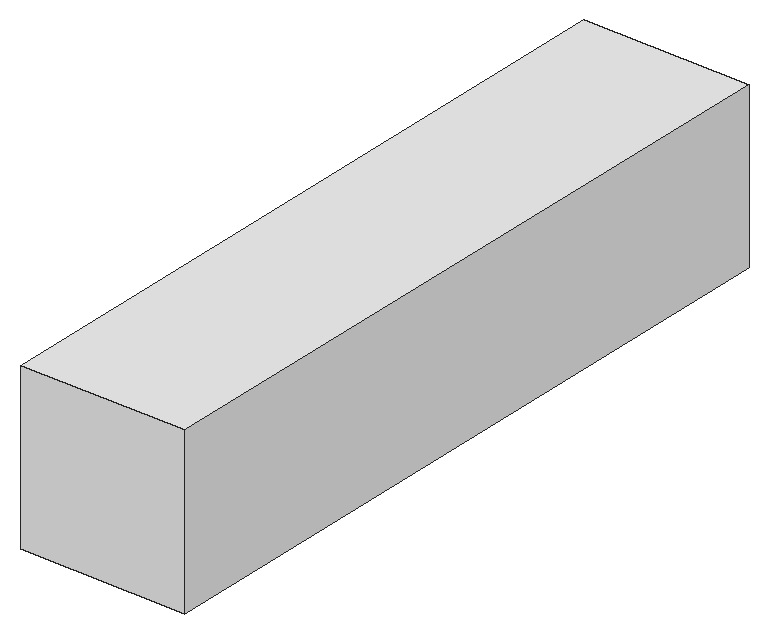
Revit family "Sanitary_Accessories_57104-PRESTO-Linea-Wall-mounted-sensor-mixer-FR", category Pipe Accessories, Revit 2018
Family settings
  Round Connector Dimension = Use Diameter
  Part Type = Normal
  Work Plane-Based = No
  Always vertical = Yes
  Cut with Voids When Loaded = No
  Shared = No
Parameters (values of type "57104 PRESTO Linea  - Mitigeur électronique mural pour lavabo")
  Youtube clip = ""
  Weight Net (Kg) = ""
  Uniformat II Description = ""
  Uniformat II Code = ""
  Uniclass 2015 Name = ""
  Uniclass 2015 Code = ""
  Uniclass 2.0 Description = ""
  Uniclass 2.0 Code = ""
  Uniclass 1.4 Description = ""
  Uniclass 1.4 Code = ""
  URL du produit = "http://www.prestodatashare.com/centretelechargement/index.php?lang=FR&refs=57104"
  URL = "http://www.presto.fr"
  UNSPSC Code = ""
  Technical description = "http://www.prestodatashare.com/espacedoc/Fiches_Techniques/GB/57104.pdf"
  Region South America = ""
  Region Oceania = ""
  Region North America = ""
  Region Middle East = ""
  Region Europe = ""
  Region Asia = ""
  Region Antarctica = ""
  Region Africa = ""
  Raccordement = "Alimentation hydraulique : Flexibles G 3/8'' (12x17)\r\nAlimentation électrique : Avec transformateur 230 V AC / 7 V DC dans boîtier étanche IP65"  # constant formula
  QR code = "https://www.bimobject.com/presto/product/pre-linea-57104"
  Profondeur = 257.5 mm  # constant formula
  Product url = "http://www.prestodatashare.com/centretelechargement/index.php?lang=GB&refs=57104"
  Product name = "57104 PRESTO Linea - Wall-mounted sensor mixer"
  Product group = "Washbasin"
  Product family = "Sanitary"
  Product data url = "https://www.bimobject.com/presto/product/pre-linea-57104"
  Product certification = ""
  Product SKU = "PRE-LINEA-57104"
  Product Guid = "9273f4c4-bf84-45c7-b78e-0bd91acdbc88"
  Pression [instance] = "1 à 5 bars"  # constant formula
  Perte de charge [instance] = 5.00 bar
  OmniClass Description = ""
  OmniClass Code = ""
  NBS Reference Description = ""
  NBS Reference Code = ""
  Model = "57104"
  Matériau [instance] = Corps en laiton chromé, intérieur lisse
  Masterformat 2014 Description = ""
  Masterformat 2014 Code = ""
  Manufacturer name = "Presto"
  Manufacturer country = ""
  Manufacturer = "LES ROBINETS PRESTO S.A."  # constant formula
  Lien notice d'utilisation = "http://www.prestodatashare.com/centretelechargement/support.php?ref=57104&lang=FR"
  Lien fiche produit = "http://www.prestodatashare.com/espacedoc/Fiches_Techniques/FR/57104.pdf"
  Lien CCTP = "http://www.prestodatashare.com/centretelechargement/index.php?lang=FR&refs=57104"
  Largeur = 60 mm  # constant formula
  Installation instructions = "http://www.prestodatashare.com/centretelechargement/support.php?ref=57104&lang=GB"
  IFC Classification = ""
  Hauteur = 60 mm  # constant formula
  Garantie = "10 ans"  # constant formula
  Fonction = "Débit : 3 l/mn par régulateur de débit intégré\r\nAérateur anti-tartre haute qualité\r\n"  # constant formula
  Flux = 3.00183 L/min
  Edition number = 1
  EAN code = ""
  Diamètre Nominal = 9.5 mm  # constant formula
  Design country = ""
  Description = "Traversée de cloison, 230V, 3l/min\r\nDéclenchement sans contact adapté PMR"  # constant formula
  Date of publishing = ""
  COBIe Type Category = ""
  Brand url = ""
  BIMobject category = "Sanitary Accessories"
  Adresse = "7, RUE RACINE - 92542 MONTROUGE CEDEX FRANCE"  # constant formula
Reference planes
  plane 1 "Center (Front/Back)": y = 0
  plane 2: z = 0
  plane 3 "Center (Left/Right)": x = 0
  plane 4: x = -30
  plane 5: x = 30
  plane 6: y = -257.5
  plane 7: z = 60
Forms (mm)
  Extrusion 1, solid, material "Corps en laiton chromé, intérieur lisse" <- "Matériau", detail levels fine
    sketch origin (0, 0, 0) x (1, 0, 0) y (0, 1, 0)
      loop
        line (-30, 0) -> (-30, -257.5) -> (30, -257.5) -> (30, 0) -> (-30, 0)
    from 0 to 60
Lines and regions (mm)
  symbolic lines
    curve 1: line (-30, 0, 0) -> (30, 0, 0)
    curve 2: line (30, 0, 0) -> (-30, -257.5, 0)
    curve 3: line (-30, -257.5, 0) -> (30, -257.5, 0)
    curve 4: line (30, -257.5, 0) -> (-30, 0, 0)
  model lines, detail levels coarse+medium
    curve 5: line (-30, -257.5, 30) -> (30, -257.5, 30)
    curve 6: line (30, -257.5, 30) -> (-30, 0, 30)
    curve 7: line (-30, 0, 30) -> (30, 0, 30)
    curve 8: line (30, 0, 30) -> (-30, -257.5, 30)
Dimensions and locks
  equal spacing: plane 4, plane 3 "Center (Left/Right)", plane 5
  "Largeur": plane 4 to plane 5
  "Hauteur": plane 7 to level
  "Profondeur": plane 6 to plane 1 "Center (Front/Back)"
  aligned and locked: plane 2 to level
  aligned and locked: Extrusion 1 sketch curve to plane 4
  aligned and locked: plane 5 to Extrusion 1 sketch curve
  aligned and locked: Extrusion 1 sketch curve to plane 6
  aligned and locked: plane 7 to Extrusion 1
  aligned and locked: Extrusion 1 to plane 1 "Center (Front/Back)"
  aligned and locked: plane 6 to Extrusion 1
  aligned and locked: plane 4 to curve 4
  aligned and locked: curve 3 to plane 4
  aligned and locked: plane 5 to curve 2
  aligned and locked: plane 5 to curve 4
  aligned and locked: plane 6 to curve 4
  aligned and locked: plane 6 to curve 3
  aligned and locked: plane 1 "Center (Front/Back)" to curve 4
  aligned and locked: plane 1 "Center (Front/Back)" to curve 2
Automatic sketch dimensions
  plane 1 "Center (Front/Back)" to Extrusion 1 sketch curve = 0 mm
  curve 8 to plane 4 = 0 mm
  plane 1 "Center (Front/Back)" to curve 7 = 0 mm
  curve 7 to plane 4 = 0 mm
  curve 7 to plane 5 = 0 mm
  curve 6 to plane 5 = 0 mm
  plane 6 to curve 5 = 0 mm
Connectors
  piping at (0, 0, 30), diameter 9.5, driven by "Diamètre Nominal", driven by "Flux", driven by "Perte de charge"
    settings: on Extrusion 1, index 1, connector inside diameter 24", connector length 0 mm, flow factor 0, pipe flow 3.00183 L/min, pressure drop 5.00 bar, fitting loss kfactor 0, connector angle 0.00°, fixture units 0, engagement length 0 mm, angle of deflection 0.00°, flow configuration 0, flow direction 1, fitting loss method 4, system type 20, joint type 0, gender type 0, connector reference index -1, connector utility 0, adjustable connector no, is connector primary yes, connector description "Water input"
